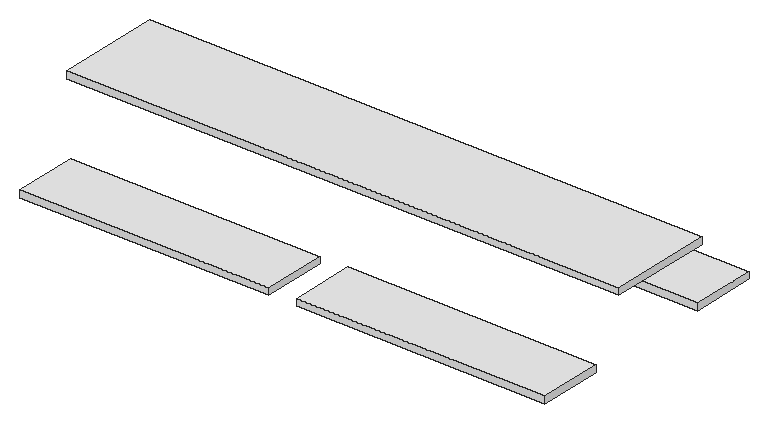
Revit family "Table Seating 12", category Furniture, Revit 2015
Parameters (values of type "Table Seating 12")
  Table [instance] = none
  Seating [instance] = none
  Assembly Code = ""
Reference planes
  plane 1 "Center (Front/Back)": y = -42.074
  plane 2: z = 0
  plane 3 "Center (Left/Right)": x = 0
  plane 4: z = 1100
  plane 5: z = 600
Forms (mm)
  Extrusion 1, solid, material <- "Seating"
    sketch origin (57.008, -1524, 600) x (0, -1, 0) y (-1, 0, 0)
      loop
        line (-563.007, 1957.008) -> (-1023.007, 1957.008) -> (-1023.007, 157.008) -> (-563.007, 157.008) -> (-563.007, 1957.008)
      loop
        line (-563.007, -42.992) -> (-1023.007, -42.992) -> (-1023.007, -1842.992) -> (-563.007, -1842.992) -> (-563.007, -42.992)
      loop
        line (-2400.844, 1957.008) -> (-2400.844, 157.008) -> (-1940.844, 157.008) -> (-1940.844, 1957.008) -> (-2400.844, 1957.008)
      loop
        line (-2400.844, -42.992) -> (-2400.844, -1842.992) -> (-1940.844, -1842.992) -> (-1940.844, -42.992) -> (-2400.844, -42.992)
    from 0 to 50
  Extrusion 2, solid, material <- "Table"
    sketch origin (0, -1524, 1100) x (0, -1, 0) y (-1, 0, 0)
      loop
        line (-1856.926, 2000) -> (-1856.926, -2000) -> (-1106.926, -2000) -> (-1106.926, 2000) -> (-1856.926, 2000)
    from 0 to 50
Dimensions and locks
  plane 4 to plane 5 to plane 2 = 500 mm, 600 mm
